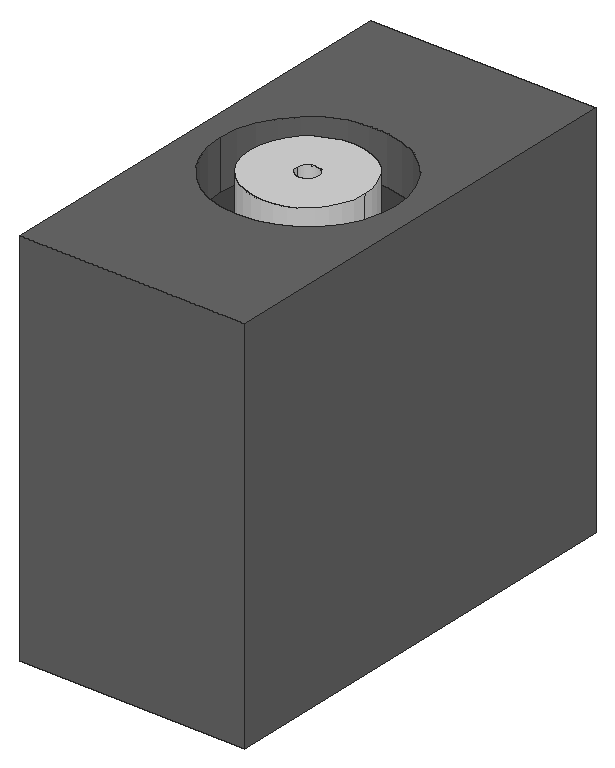
Revit family "Domotics-DomesticRanges-GEWISS-SYSTEM_DATA-TV_SAT_SOCKET", category Apparecchi elettrici, host Superficie, Revit 2016
Family settings
  Host = Superficie
  Mantenere orientamento annotazione = Sì
  Tipo di parte = Normale
  Quota connettore circolare = Usa diametro
  Taglio con vuoti quando caricato = Sì
  Condiviso = Sì
  Punto di calcolo locali = Sì
Parameters (values of type "GW21396 - THR.TV/SAT SOCK.5 DB F-FEMALE SY/BK")
  Volt = 230 V
  Vista in pianta [instance] = yes
  Version file RFA = "19.4"
  URL = "https://www.gewiss.com/ww/en"
  Type = ""
  Tipo_ = SYSTEM PRESE TV-SAT_GENERICO : GW21396 Presa TV/SAT passante attenuata 5 dB conn. F-femmina nero
  Technical sheet = "https://www.gewiss.com/ww/en/search?q=GW21396"
  Simbolo [instance] = yes
  Shielding = "Class A"
  SEO = "Socket outlet"
  Realized by GEWISS S.p.A. = ""
  Default Elevation = 1219.2 mm
  Produttore = "GEWISS S.p.A."
  Offset presa [instance] = 0 mm
  Offset bidimensionale [instance] = 39.3 mm
  No. SYSTEM modules = "1"
  N. poli = 1
  Modello = "GW21396"
  Immagine tipo = GW21391.jpg
  IFC.TypeObject = ""
  IFC.ExportType = ""
  IFC.ExportAs = ""
  IDT = "a744499d-be5a-4e59-b39c-2c1bf6a8619f"
  IDF = "1b25a30f-1712-4c6f-8359-4124d0180e15"
  Frequency = "5-2400 MHz"
  For connector type = "F-Female"
  Electrocod = "0131                "
  EAN code = "8011564128620"
  Distanza_x [instance] = 0 mm
  Distanza_effettiva_y [instance] = 100 mm
  Distanza_effettiva_x [instance] = 1000 mm - Distanza_x  # 1000 mm
  Distanza orizzontale del simbolo [instance] = 45.729 mm
  Distanza dal muro [instance] = 4.208 mm
  Descrizione = "THR.TV/SAT SOCK.5 DB F-FEMALE SY/BK"
  Description: = "Feedtrough"
  Description. = "TV/SAT socket-outlet"
  Colour = "Black"
  Catalogue Range = "SYSTEM - DOMESTIC RANGE"
  Catalogue = "DOMOTICS"
  Carico apparente = 0 VA
  COBie.Tagnumber = ""
  COBie.CreatedOn = ""
  COBie.CreatebBy = ""
  COBie.ComponentRegisterItemID = ""
  COBie.Component.TagNumber = ""
  COBie.Component.Space = ""
  COBie.Component.SerialNumber = ""
  COBie.Component.InstallationDate = ""
  COBie.Component.Description = ""
  COBie.Component.BarCode = ""
  Attenuation = "5 dB"
Types (8, lengths in mm): name | Type | Tipo_ | Technical sheet | Modello | Immagine tipo | IDT | EAN code | Descrizione | Description: | Colour | Attenuation
  GW20391 - DIRECT TV/SAT SOCKET F-FEMALE C.SY/WT | "With passage of current" | SYSTEM PRESE TV-SAT_GENERICO : GW20391 Presa TV/SAT diretta conn. F-femmina bianco | "https://www.gewiss.com/ww/en/search?q=GW20391" | "GW20391" | GW20391.jpg | "9294b73f-0de1-4cb3-b6f0-f1125f0429cc" | "8011564078932" | "DIRECT TV/SAT SOCKET F-FEMALE C.SY/WT" | "Direct" | "White" | "0 dB"
  GW20392 - THR.TV/SAT SOCK.10DB F-FEMALE SY/WT | "" | SYSTEM PRESE TV-SAT_GENERICO : GW20392 Presa TV/SAT passante attenuata 10dB conn. F-femmina bianco | "https://www.gewiss.com/ww/en/search?q=GW20392" | "GW20392" | GW20391.jpg | "fd6b0937-fa7c-4336-91ef-bc3d025664a0" | "8011564078949" | "THR.TV/SAT SOCK.10DB F-FEMALE SY/WT" | "Feedtrough" | "White" | "10 dB"
  GW20393 - THR.TV/SAT SOCK.14DB F-FEMALE SY/WT | "" | SYSTEM PRESE TV-SAT_GENERICO : GW20393 Presa TV/SAT passante attenuata 14dB conn. F-femmina bianco | "https://www.gewiss.com/ww/en/search?q=GW20393" | "GW20393" | GW20391.jpg | "d3970d8d-c9ea-44d0-a34c-b36aee6ae50e" | "8011564078956" | "THR.TV/SAT SOCK.14DB F-FEMALE SY/WT" | "Feedtrough" | "White" | "14 dB"
  GW20396 - THR.TV/SAT SOCK.5 DB F-FEMALE SY/WT | "" | SYSTEM PRESE TV-SAT_GENERICO : GW20396 Presa TV/SAT passante attenuata 5 dB conn. F-femmina bianco | "https://www.gewiss.com/ww/en/search?q=GW20396" | "GW20396" | GW20391.jpg | "df32d9ff-e546-410f-adbc-415d3c713821" | "8011564078987" | "THR.TV/SAT SOCK.5 DB F-FEMALE SY/WT" | "Feedtrough" | "White" | "5 dB"
  GW21391 - DIRECT TV/SAT SOCKET F-FEMALE C.SY/BK | "With passage of current" | SYSTEM PRESE TV-SAT_GENERICO : GW21391 Presa TV/SAT diretta conn. F-femmina nero | "https://www.gewiss.com/ww/en/search?q=GW21391" | "GW21391" | GW21391.jpg | "5f2e3ea4-e0e5-4721-9bfc-bc70c19520d1" | "8011564128613" | "DIRECT TV/SAT SOCKET F-FEMALE C.SY/BK" | "Direct" | "Black" | "0 dB"
  GW21392 - THR.TV/SAT SOCK.10DB F-FEMALE SY/BK | "" | SYSTEM PRESE TV-SAT_GENERICO : GW21392 Presa TV/SAT passante attenuata 10dB conn. F-femmina nero | "https://www.gewiss.com/ww/en/search?q=GW21392" | "GW21392" | GW21391.jpg | "4b3d2174-a942-44e0-8240-342f344aed14" | "8011564128637" | "THR.TV/SAT SOCK.10DB F-FEMALE SY/BK" | "Feedtrough" | "Black" | "10 dB"
  GW21393 - THR.TV/SAT SOCK.14DB F-FEMALE SY/BK | "" | SYSTEM PRESE TV-SAT_GENERICO : GW21393 Presa TV/SAT passante attenuata 14dB conn. F-femmina nero | "https://www.gewiss.com/ww/en/search?q=GW21393" | "GW21393" | GW21391.jpg | "d88ca0aa-9382-49ed-897b-6e84558097f6" | "8011564128644" | "THR.TV/SAT SOCK.14DB F-FEMALE SY/BK" | "Feedtrough" | "Black" | "14 dB"
  GW21396 - THR.TV/SAT SOCK.5 DB F-FEMALE SY/BK | "" | SYSTEM PRESE TV-SAT_GENERICO : GW21396 Presa TV/SAT passante attenuata 5 dB conn. F-femmina nero | "https://www.gewiss.com/ww/en/search?q=GW21396" | "GW21396" | GW21391.jpg | "a744499d-be5a-4e59-b39c-2c1bf6a8619f" | "8011564128620" | "THR.TV/SAT SOCK.5 DB F-FEMALE SY/BK" | "Feedtrough" | "Black" | "5 dB"
Reference planes
  plane 1 "Centro (Fronte/Retro)": y = 0
  plane 2: z = 0
  plane 3 "Centro (Sinistra/Destra)": x = 0
  plane 4: x = -1000
  plane 5: x = 0
  plane 6: y = 100
  plane 7: z = 0
  plane 8 "A": z = 39.3
  plane 9: z = 39
Lines and regions (mm)
  Masking region 1, visible <- "Vista in pianta"
    outline origin (0, 0, 0) x (1, 0, 0) y (0, 1, 0)
      loop
        line (-11.5, 22.5) -> (-11.5, -22.5) -> (11.5, -22.5) -> (11.5, 22.5) -> (-11.5, 22.5)
      loop
        circle (0, 0) r 5.854
      loop
        circle (0, 0) r 9.026
  Masking region 2, visible <- "Vista in pianta"
    outline origin (0, 0, 0) x (1, 0, 0) y (0, 0, 1)
      loop
        line (11.5, 0) -> (11.5, 39) -> (-11.5, 39) -> (-11.5, 0) -> (11.5, 0)
  Masking region 3, visible <- "Vista in pianta"
    outline origin (0, 0, 0) x (0, 1, 0) y (0, 0, 1)
      loop
        line (22.5, 39) -> (-22.5, 39) -> (-22.5, 0) -> (22.5, 0) -> (22.5, 39)
  model lines, style "0", not visible, detail levels coarse
    curve 1: arc (40.941, 35.069, 0) -> (36.863, 30.992, 0) -> (40.941, 26.915, 0) r 4.077
    curve 2: arc (48.922, 26.915, 0) -> (53, 30.992, 0) -> (48.922, 35.069, 0) r 4.077
    curve 3: line (56.432, 23.317, 0) -> (33.432, 23.317, 0)
    curve 4: line (33.432, 23.317, 0) -> (33.432, 68.317, 0)
    curve 5: line (33.432, 68.317, 0) -> (56.432, 68.317, 0)
    curve 6: line (56.432, 68.317, 0) -> (56.432, 23.317, 0)
    curve 7: line (40.941, 35.069, 0) -> (42.406, 35.069, 0)
    curve 8: line (42.406, 35.069, 0) -> (42.406, 64.372, 0)
    curve 9: line (42.406, 64.372, 0) -> (47.457, 64.372, 0)
    curve 10: line (47.457, 64.372, 0) -> (47.457, 35.069, 0)
    curve 11: line (47.457, 35.069, 0) -> (48.922, 35.069, 0)
    curve 12: line (40.941, 26.915, 0) -> (48.922, 26.915, 0)
    curve 13: circle (52.262, 43.827, 60) r 1.146 normal (0, 0, 1)
    curve 14: circle (52.262, 43.827, 60) r 9.026 normal (0, 0, 1)
    curve 15: circle (52.262, 43.827, 60) r 5.854 normal (0, 0, 1)
    curve 16: line (63.762, 21.327, 60) -> (40.762, 21.327, 60)
    curve 17: line (40.762, 21.327, 60) -> (40.762, 66.327, 60)
    curve 18: line (40.762, 66.327, 60) -> (63.762, 66.327, 60)
    curve 19: line (63.762, 66.327, 60) -> (63.762, 21.327, 60)
    curve 20: line (52.262, 55.507, 60) -> (49.371, 61.175, 60)
    curve 21: line (49.371, 61.175, 60) -> (48.566, 61.175, 60)
    curve 22: line (48.566, 61.175, 60) -> (52.262, 53.928, 60)
    curve 23: line (52.262, 53.928, 60) -> (55.958, 61.175, 60)
    curve 24: line (55.958, 61.175, 60) -> (55.153, 61.175, 60)
    curve 25: line (55.153, 61.175, 60) -> (52.262, 55.507, 60)
    curve 26: line (52.665, 63.758, 60) -> (55.483, 63.758, 60)
    curve 27: line (55.483, 63.758, 60) -> (55.483, 64.564, 60)
    curve 28: line (55.483, 64.564, 60) -> (49.041, 64.564, 60)
    curve 29: line (49.041, 64.564, 60) -> (49.041, 63.758, 60)
    curve 30: line (49.041, 63.758, 60) -> (51.859, 63.758, 60)
    curve 31: line (51.859, 63.758, 60) -> (51.859, 58.979, 60)
    curve 32: line (51.859, 58.979, 60) -> (52.665, 58.979, 60)
    curve 33: line (52.665, 58.979, 60) -> (52.665, 63.758, 60)
    curve 124: circle (51.963, 0, 0) r 1.146 normal (0, 0, 1)
    curve 125: circle (51.963, 0, 0) r 9.026 normal (0, 0, 1)
    curve 126: circle (51.963, 0, 0) r 5.854 normal (0, 0, 1)
    curve 127: line (63.463, -22.5, 0) -> (40.463, -22.5, 0)
    curve 128: line (40.463, -22.5, 0) -> (40.463, 22.5, 0)
    curve 129: line (40.463, 22.5, 0) -> (63.463, 22.5, 0)
    curve 130: line (63.463, 22.5, 0) -> (63.463, -22.5, 0)
    curve 131: line (52.166, 16.014, 0) -> (48.685, 19.494, 0)
    curve 132: line (48.685, 19.494, 0) -> (48.685, 20.08, 0)
    curve 133: line (48.685, 20.08, 0) -> (48.23, 20.535, 0)
    curve 134: line (48.23, 20.535, 0) -> (47.417, 20.373, 0)
    curve 135: line (47.417, 20.373, 0) -> (47.221, 19.885, 0)
    curve 136: line (47.221, 19.885, 0) -> (47.286, 19.332, 0)
    curve 137: line (47.286, 19.332, 0) -> (47.677, 19.072, 0)
    curve 138: line (47.677, 19.072, 0) -> (48.295, 19.072, 0)
    curve 139: line (48.295, 19.072, 0) -> (51.759, 15.607, 0)
    curve 140: line (51.759, 15.607, 0) -> (52.166, 16.014, 0)
    curve 141: line (49.408, 17.959, 0) -> (48.714, 17.145, 0)
    curve 142: line (48.714, 17.145, 0) -> (48.071, 16.198, 0)
    curve 143: line (48.071, 16.198, 0) -> (47.507, 15.135, 0)
    curve 144: line (47.507, 15.135, 0) -> (47.16, 14.159, 0)
    curve 145: line (47.16, 14.159, 0) -> (47.03, 13.248, 0)
    curve 146: line (47.03, 13.248, 0) -> (47.073, 12.316, 0)
    curve 147: line (47.073, 12.316, 0) -> (47.377, 11.73, 0)
    curve 148: line (47.377, 11.73, 0) -> (47.854, 11.318, 0)
    curve 149: line (47.854, 11.318, 0) -> (48.369, 11.045, 0)
    curve 150: line (48.369, 11.045, 0) -> (49.047, 10.863, 0)
    curve 151: line (49.047, 10.863, 0) -> (49.979, 10.906, 0)
    curve 152: line (49.979, 10.906, 0) -> (51.302, 11.34, 0)
    curve 153: line (51.302, 11.34, 0) -> (52.669, 12.121, 0)
    curve 154: line (52.669, 12.121, 0) -> (53.991, 13.162, 0)
    curve 155: line (53.991, 13.162, 0) -> (55.098, 14.333, 0)
    curve 156: line (55.098, 14.333, 0) -> (55.878, 15.482, 0)
    curve 157: line (55.878, 15.482, 0) -> (56.442, 16.61, 0)
    curve 158: line (56.442, 16.61, 0) -> (56.811, 17.911, 0)
    curve 159: line (56.811, 17.911, 0) -> (56.854, 18.79, 0)
    curve 160: line (56.854, 18.79, 0) -> (56.659, 19.505, 0)
    curve 161: line (56.659, 19.505, 0) -> (56.334, 19.961, 0)
    curve 162: line (56.334, 19.961, 0) -> (55.792, 20.373, 0)
    curve 163: line (55.792, 20.373, 0) -> (55.163, 20.698, 0)
    curve 164: line (55.163, 20.698, 0) -> (54.541, 20.731, 0)
    curve 165: line (54.541, 20.731, 0) -> (53.597, 20.633, 0)
    curve 166: line (53.597, 20.633, 0) -> (52.784, 20.34, 0)
    curve 167: line (52.784, 20.34, 0) -> (51.515, 19.722, 0)
    curve 168: line (51.515, 19.722, 0) -> (50.474, 18.974, 0)
    curve 169: line (50.474, 18.974, 0) -> (49.817, 18.363, 0)
    curve 170: line (50.27, 17.909, 0) -> (51.042, 18.573, 0)
    curve 171: line (51.042, 18.573, 0) -> (51.909, 19.137, 0)
    curve 172: line (51.909, 19.137, 0) -> (52.647, 19.527, 0)
    curve 173: line (52.647, 19.527, 0) -> (53.406, 19.831, 0)
    curve 174: line (53.406, 19.831, 0) -> (54.252, 19.961, 0)
    curve 175: line (54.252, 19.961, 0) -> (55.011, 19.982, 0)
    curve 176: line (55.011, 19.982, 0) -> (55.575, 19.679, 0)
    curve 177: line (55.575, 19.679, 0) -> (56.03, 19.093, 0)
    curve 178: line (56.03, 19.093, 0) -> (56.117, 18.312, 0)
    curve 179: line (56.117, 18.312, 0) -> (56.073, 17.553, 0)
    curve 180: line (56.073, 17.553, 0) -> (55.857, 16.903, 0)
    curve 181: line (55.857, 16.903, 0) -> (55.314, 15.84, 0)
    curve 182: line (55.314, 15.84, 0) -> (54.512, 14.712, 0)
    curve 183: line (54.512, 14.712, 0) -> (53.597, 13.798, 0)
    curve 184: line (53.597, 13.798, 0) -> (52.6, 12.988, 0)
    curve 185: line (52.6, 12.988, 0) -> (51.472, 12.251, 0)
    curve 186: line (51.472, 12.251, 0) -> (50.735, 11.976, 0)
    curve 187: line (50.735, 11.976, 0) -> (49.896, 11.701, 0)
    curve 188: line (49.896, 11.701, 0) -> (48.956, 11.629, 0)
    curve 189: line (48.956, 11.629, 0) -> (48.378, 11.803, 0)
    curve 190: line (48.378, 11.803, 0) -> (47.988, 12.193, 0)
    curve 191: line (47.988, 12.193, 0) -> (47.785, 12.728, 0)
    curve 192: line (47.785, 12.728, 0) -> (47.771, 13.538, 0)
    curve 193: line (47.771, 13.538, 0) -> (47.901, 14.347, 0)
    curve 194: line (47.901, 14.347, 0) -> (48.204, 15.07, 0)
    curve 195: line (48.204, 15.07, 0) -> (48.551, 15.649, 0)
    curve 196: line (48.551, 15.649, 0) -> (49.014, 16.386, 0)
    curve 197: line (49.014, 16.386, 0) -> (49.491, 16.964, 0)
    curve 198: line (49.491, 16.964, 0) -> (49.91, 17.456, 0)
    curve 199: line (56.706, 15.45, 0) -> (56.099, 14.394, 0)
    curve 200: line (56.099, 14.394, 0) -> (55.347, 13.44, 0)
    curve 201: line (55.347, 13.44, 0) -> (54.552, 12.645, 0)
    curve 202: line (54.552, 12.645, 0) -> (53.757, 11.965, 0)
    curve 203: line (53.757, 11.965, 0) -> (52.846, 11.358, 0)
    curve 204: line (52.846, 11.358, 0) -> (52.036, 10.982, 0)
    curve 205: line (52.036, 10.982, 0) -> (52.397, 10.331, 0)
    curve 206: line (52.397, 10.331, 0) -> (53.178, 10.722, 0)
    curve 207: line (53.178, 10.722, 0) -> (54.046, 11.228, 0)
    curve 208: line (54.046, 11.228, 0) -> (55.029, 12.052, 0)
    curve 209: line (55.029, 12.052, 0) -> (55.853, 12.876, 0)
    curve 210: line (55.853, 12.876, 0) -> (56.677, 13.888, 0)
    curve 211: line (56.677, 13.888, 0) -> (57.111, 14.655, 0)
    curve 212: line (57.111, 14.655, 0) -> (57.4, 15.218, 0)
    curve 213: line (57.4, 15.218, 0) -> (56.706, 15.45, 0)
    curve 214: circle (38.734, 0, 39.3) r 1.146 normal (0, 0, 1)
    curve 215: circle (38.734, 0, 39.3) r 9.026 normal (0, 0, 1)
    curve 216: circle (38.734, 0, 39.3) r 5.854 normal (0, 0, 1)
    curve 217: line (50.234, -22.5, 39.3) -> (27.234, -22.5, 39.3)
    curve 218: line (27.234, -22.5, 39.3) -> (27.234, 22.5, 39.3)
    curve 219: line (27.234, 22.5, 39.3) -> (50.234, 22.5, 39.3)
    curve 220: line (50.234, 22.5, 39.3) -> (50.234, -22.5, 39.3)
    curve 221: line (38.937, 16.014, 39.3) -> (35.457, 19.494, 39.3)
    curve 222: line (35.457, 19.494, 39.3) -> (35.457, 20.08, 39.3)
    curve 223: line (35.457, 20.08, 39.3) -> (35.001, 20.535, 39.3)
    curve 224: line (35.001, 20.535, 39.3) -> (34.188, 20.373, 39.3)
    curve 225: line (34.188, 20.373, 39.3) -> (33.993, 19.885, 39.3)
    curve 226: line (33.993, 19.885, 39.3) -> (34.058, 19.332, 39.3)
    curve 227: line (34.058, 19.332, 39.3) -> (34.448, 19.072, 39.3)
    curve 228: line (34.448, 19.072, 39.3) -> (35.066, 19.072, 39.3)
    curve 229: line (35.066, 19.072, 39.3) -> (38.531, 15.607, 39.3)
    curve 230: line (38.531, 15.607, 39.3) -> (38.937, 16.014, 39.3)
    curve 231: line (36.179, 17.959, 39.3) -> (35.486, 17.145, 39.3)
    curve 232: line (35.486, 17.145, 39.3) -> (34.842, 16.198, 39.3)
    curve 233: line (34.842, 16.198, 39.3) -> (34.278, 15.135, 39.3)
    curve 234: line (34.278, 15.135, 39.3) -> (33.931, 14.159, 39.3)
    curve 235: line (33.931, 14.159, 39.3) -> (33.801, 13.248, 39.3)
    curve 236: line (33.801, 13.248, 39.3) -> (33.844, 12.316, 39.3)
    curve 237: line (33.844, 12.316, 39.3) -> (34.148, 11.73, 39.3)
    curve 238: line (34.148, 11.73, 39.3) -> (34.625, 11.318, 39.3)
    curve 239: line (34.625, 11.318, 39.3) -> (35.14, 11.045, 39.3)
    curve 240: line (35.14, 11.045, 39.3) -> (35.818, 10.863, 39.3)
    curve 241: line (35.818, 10.863, 39.3) -> (36.751, 10.906, 39.3)
    curve 242: line (36.751, 10.906, 39.3) -> (38.074, 11.34, 39.3)
    curve 243: line (38.074, 11.34, 39.3) -> (39.44, 12.121, 39.3)
    curve 244: line (39.44, 12.121, 39.3) -> (40.763, 13.162, 39.3)
    curve 245: line (40.763, 13.162, 39.3) -> (41.869, 14.333, 39.3)
    curve 246: line (41.869, 14.333, 39.3) -> (42.65, 15.482, 39.3)
    curve 247: line (42.65, 15.482, 39.3) -> (43.214, 16.61, 39.3)
    curve 248: line (43.214, 16.61, 39.3) -> (43.582, 17.911, 39.3)
    curve 249: line (43.582, 17.911, 39.3) -> (43.626, 18.79, 39.3)
    curve 250: line (43.626, 18.79, 39.3) -> (43.43, 19.505, 39.3)
    curve 251: line (43.43, 19.505, 39.3) -> (43.105, 19.961, 39.3)
    curve 252: line (43.105, 19.961, 39.3) -> (42.563, 20.373, 39.3)
    curve 253: line (42.563, 20.373, 39.3) -> (41.934, 20.698, 39.3)
    curve 254: line (41.934, 20.698, 39.3) -> (41.312, 20.731, 39.3)
    curve 255: line (41.312, 20.731, 39.3) -> (40.369, 20.633, 39.3)
    curve 256: line (40.369, 20.633, 39.3) -> (39.556, 20.34, 39.3)
    curve 257: line (39.556, 20.34, 39.3) -> (38.287, 19.722, 39.3)
    curve 258: line (38.287, 19.722, 39.3) -> (37.246, 18.974, 39.3)
    curve 259: line (37.246, 18.974, 39.3) -> (36.588, 18.363, 39.3)
    curve 260: line (37.042, 17.909, 39.3) -> (37.813, 18.573, 39.3)
    curve 261: line (37.813, 18.573, 39.3) -> (38.681, 19.137, 39.3)
    curve 262: line (38.681, 19.137, 39.3) -> (39.418, 19.527, 39.3)
    curve 263: line (39.418, 19.527, 39.3) -> (40.177, 19.831, 39.3)
    curve 264: line (40.177, 19.831, 39.3) -> (41.023, 19.961, 39.3)
    curve 265: line (41.023, 19.961, 39.3) -> (41.782, 19.982, 39.3)
    curve 266: line (41.782, 19.982, 39.3) -> (42.346, 19.679, 39.3)
    curve 267: line (42.346, 19.679, 39.3) -> (42.801, 19.093, 39.3)
    curve 268: line (42.801, 19.093, 39.3) -> (42.888, 18.312, 39.3)
    curve 269: line (42.888, 18.312, 39.3) -> (42.845, 17.553, 39.3)
    curve 270: line (42.845, 17.553, 39.3) -> (42.628, 16.903, 39.3)
    curve 271: line (42.628, 16.903, 39.3) -> (42.086, 15.84, 39.3)
    curve 272: line (42.086, 15.84, 39.3) -> (41.283, 14.712, 39.3)
    curve 273: line (41.283, 14.712, 39.3) -> (40.369, 13.798, 39.3)
    curve 274: line (40.369, 13.798, 39.3) -> (39.371, 12.988, 39.3)
    curve 275: line (39.371, 12.988, 39.3) -> (38.243, 12.251, 39.3)
    curve 276: line (38.243, 12.251, 39.3) -> (37.506, 11.976, 39.3)
    curve 277: line (37.506, 11.976, 39.3) -> (36.667, 11.701, 39.3)
    curve 278: line (36.667, 11.701, 39.3) -> (35.728, 11.629, 39.3)
    curve 279: line (35.728, 11.629, 39.3) -> (35.149, 11.803, 39.3)
    curve 280: line (35.149, 11.803, 39.3) -> (34.759, 12.193, 39.3)
    curve 281: line (34.759, 12.193, 39.3) -> (34.557, 12.728, 39.3)
    curve 282: line (34.557, 12.728, 39.3) -> (34.542, 13.538, 39.3)
    curve 283: line (34.542, 13.538, 39.3) -> (34.672, 14.347, 39.3)
    curve 284: line (34.672, 14.347, 39.3) -> (34.976, 15.07, 39.3)
    curve 285: line (34.976, 15.07, 39.3) -> (35.323, 15.649, 39.3)
    curve 286: line (35.323, 15.649, 39.3) -> (35.786, 16.386, 39.3)
    curve 287: line (35.786, 16.386, 39.3) -> (36.263, 16.964, 39.3)
    curve 288: line (36.263, 16.964, 39.3) -> (36.682, 17.456, 39.3)
    curve 289: line (43.477, 15.45, 39.3) -> (42.87, 14.394, 39.3)
    curve 290: line (42.87, 14.394, 39.3) -> (42.118, 13.44, 39.3)
    curve 291: line (42.118, 13.44, 39.3) -> (41.323, 12.645, 39.3)
    curve 292: line (41.323, 12.645, 39.3) -> (40.528, 11.965, 39.3)
    curve 293: line (40.528, 11.965, 39.3) -> (39.617, 11.358, 39.3)
    curve 294: line (39.617, 11.358, 39.3) -> (38.807, 10.982, 39.3)
    curve 295: line (38.807, 10.982, 39.3) -> (39.169, 10.331, 39.3)
    curve 296: line (39.169, 10.331, 39.3) -> (39.95, 10.722, 39.3)
    curve 297: line (39.95, 10.722, 39.3) -> (40.817, 11.228, 39.3)
    curve 298: line (40.817, 11.228, 39.3) -> (41.8, 12.052, 39.3)
    curve 299: line (41.8, 12.052, 39.3) -> (42.624, 12.876, 39.3)
    curve 300: line (42.624, 12.876, 39.3) -> (43.448, 13.888, 39.3)
    curve 301: line (43.448, 13.888, 39.3) -> (43.882, 14.655, 39.3)
    curve 302: line (43.882, 14.655, 39.3) -> (44.171, 15.218, 39.3)
    curve 303: line (44.171, 15.218, 39.3) -> (43.477, 15.45, 39.3)
  model lines, style "0", detail levels coarse
    curve 34: circle (0, 0, 39.3) r 1.146 normal (0, 0, 1)
    curve 35: circle (0, 0, 39.3) r 9.026 normal (0, 0, 1)
    curve 36: circle (0, 0, 39.3) r 5.854 normal (0, 0, 1)
    curve 37: line (11.5, -22.5, 39.3) -> (-11.5, -22.5, 39.3)
    curve 38: line (-11.5, -22.5, 39.3) -> (-11.5, 22.5, 39.3)
    curve 39: line (-11.5, 22.5, 39.3) -> (11.5, 22.5, 39.3)
    curve 40: line (11.5, 22.5, 39.3) -> (11.5, -22.5, 39.3)
    curve 41: line (0.203, 16.014, 39.3) -> (-3.278, 19.494, 39.3)
    curve 42: line (-3.278, 19.494, 39.3) -> (-3.278, 20.08, 39.3)
    curve 43: line (-3.278, 20.08, 39.3) -> (-3.733, 20.535, 39.3)
    curve 44: line (-3.733, 20.535, 39.3) -> (-4.546, 20.373, 39.3)
    curve 45: line (-4.546, 20.373, 39.3) -> (-4.741, 19.885, 39.3)
    curve 46: line (-4.741, 19.885, 39.3) -> (-4.676, 19.332, 39.3)
    curve 47: line (-4.676, 19.332, 39.3) -> (-4.286, 19.072, 39.3)
    curve 48: line (-4.286, 19.072, 39.3) -> (-3.668, 19.072, 39.3)
    curve 49: line (-3.668, 19.072, 39.3) -> (-0.203, 15.607, 39.3)
    curve 50: line (-0.203, 15.607, 39.3) -> (0.203, 16.014, 39.3)
    curve 51: line (-2.555, 17.959, 39.3) -> (-3.249, 17.145, 39.3)
    curve 52: line (-3.249, 17.145, 39.3) -> (-3.892, 16.198, 39.3)
    curve 53: line (-3.892, 16.198, 39.3) -> (-4.456, 15.135, 39.3)
    curve 54: line (-4.456, 15.135, 39.3) -> (-4.803, 14.159, 39.3)
    curve 55: line (-4.803, 14.159, 39.3) -> (-4.933, 13.248, 39.3)
    curve 56: line (-4.933, 13.248, 39.3) -> (-4.89, 12.316, 39.3)
    curve 57: line (-4.89, 12.316, 39.3) -> (-4.586, 11.73, 39.3)
    curve 58: line (-4.586, 11.73, 39.3) -> (-4.109, 11.318, 39.3)
    curve 59: line (-4.109, 11.318, 39.3) -> (-3.594, 11.045, 39.3)
    curve 60: line (-3.594, 11.045, 39.3) -> (-2.916, 10.863, 39.3)
    curve 61: line (-2.916, 10.863, 39.3) -> (-1.984, 10.906, 39.3)
    curve 62: line (-1.984, 10.906, 39.3) -> (-0.661, 11.34, 39.3)
    curve 63: line (-0.661, 11.34, 39.3) -> (0.706, 12.121, 39.3)
    curve 64: line (0.706, 12.121, 39.3) -> (2.029, 13.162, 39.3)
    curve 65: line (2.029, 13.162, 39.3) -> (3.135, 14.333, 39.3)
    curve 66: line (3.135, 14.333, 39.3) -> (3.916, 15.482, 39.3)
    curve 67: line (3.916, 15.482, 39.3) -> (4.479, 16.61, 39.3)
    curve 68: line (4.479, 16.61, 39.3) -> (4.848, 17.911, 39.3)
    curve 69: line (4.848, 17.911, 39.3) -> (4.891, 18.79, 39.3)
    curve 70: line (4.891, 18.79, 39.3) -> (4.696, 19.505, 39.3)
    curve 71: line (4.696, 19.505, 39.3) -> (4.371, 19.961, 39.3)
    curve 72: line (4.371, 19.961, 39.3) -> (3.829, 20.373, 39.3)
    curve 73: line (3.829, 20.373, 39.3) -> (3.2, 20.698, 39.3)
    curve 74: line (3.2, 20.698, 39.3) -> (2.578, 20.731, 39.3)
    curve 75: line (2.578, 20.731, 39.3) -> (1.635, 20.633, 39.3)
    curve 76: line (1.635, 20.633, 39.3) -> (0.821, 20.34, 39.3)
    curve 77: line (0.821, 20.34, 39.3) -> (-0.447, 19.722, 39.3)
    curve 78: line (-0.447, 19.722, 39.3) -> (-1.488, 18.974, 39.3)
    curve 79: line (-1.488, 18.974, 39.3) -> (-2.146, 18.363, 39.3)
    curve 80: line (-1.693, 17.909, 39.3) -> (-0.921, 18.573, 39.3)
    curve 81: line (-0.921, 18.573, 39.3) -> (-0.053, 19.137, 39.3)
    curve 82: line (-0.053, 19.137, 39.3) -> (0.684, 19.527, 39.3)
    curve 83: line (0.684, 19.527, 39.3) -> (1.443, 19.831, 39.3)
    curve 84: line (1.443, 19.831, 39.3) -> (2.289, 19.961, 39.3)
    curve 85: line (2.289, 19.961, 39.3) -> (3.048, 19.982, 39.3)
    curve 86: line (3.048, 19.982, 39.3) -> (3.612, 19.679, 39.3)
    curve 87: line (3.612, 19.679, 39.3) -> (4.067, 19.093, 39.3)
    curve 88: line (4.067, 19.093, 39.3) -> (4.154, 18.312, 39.3)
    curve 89: line (4.154, 18.312, 39.3) -> (4.111, 17.553, 39.3)
    curve 90: line (4.111, 17.553, 39.3) -> (3.894, 16.903, 39.3)
    curve 91: line (3.894, 16.903, 39.3) -> (3.352, 15.84, 39.3)
    curve 92: line (3.352, 15.84, 39.3) -> (2.549, 14.712, 39.3)
    curve 93: line (2.549, 14.712, 39.3) -> (1.635, 13.798, 39.3)
    curve 94: line (1.635, 13.798, 39.3) -> (0.637, 12.988, 39.3)
    curve 95: line (0.637, 12.988, 39.3) -> (-0.491, 12.251, 39.3)
    curve 96: line (-0.491, 12.251, 39.3) -> (-1.228, 11.976, 39.3)
    curve 97: line (-1.228, 11.976, 39.3) -> (-2.067, 11.701, 39.3)
    curve 98: line (-2.067, 11.701, 39.3) -> (-3.006, 11.629, 39.3)
    curve 99: line (-3.006, 11.629, 39.3) -> (-3.585, 11.803, 39.3)
    curve 100: line (-3.585, 11.803, 39.3) -> (-3.975, 12.193, 39.3)
    curve 101: line (-3.975, 12.193, 39.3) -> (-4.178, 12.728, 39.3)
    curve 102: line (-4.178, 12.728, 39.3) -> (-4.192, 13.538, 39.3)
    curve 103: line (-4.192, 13.538, 39.3) -> (-4.062, 14.347, 39.3)
    curve 104: line (-4.062, 14.347, 39.3) -> (-3.758, 15.07, 39.3)
    curve 105: line (-3.758, 15.07, 39.3) -> (-3.411, 15.649, 39.3)
    curve 106: line (-3.411, 15.649, 39.3) -> (-2.949, 16.386, 39.3)
    curve 107: line (-2.949, 16.386, 39.3) -> (-2.471, 16.964, 39.3)
    curve 108: line (-2.471, 16.964, 39.3) -> (-2.052, 17.456, 39.3)
    curve 109: line (4.743, 15.45, 39.3) -> (4.136, 14.394, 39.3)
    curve 110: line (4.136, 14.394, 39.3) -> (3.384, 13.44, 39.3)
    curve 111: line (3.384, 13.44, 39.3) -> (2.589, 12.645, 39.3)
    curve 112: line (2.589, 12.645, 39.3) -> (1.794, 11.965, 39.3)
    curve 113: line (1.794, 11.965, 39.3) -> (0.883, 11.358, 39.3)
    curve 114: line (0.883, 11.358, 39.3) -> (0.073, 10.982, 39.3)
    curve 115: line (0.073, 10.982, 39.3) -> (0.435, 10.331, 39.3)
    curve 116: line (0.435, 10.331, 39.3) -> (1.215, 10.722, 39.3)
    curve 117: line (1.215, 10.722, 39.3) -> (2.083, 11.228, 39.3)
    curve 118: line (2.083, 11.228, 39.3) -> (3.066, 12.052, 39.3)
    curve 119: line (3.066, 12.052, 39.3) -> (3.89, 12.876, 39.3)
    curve 120: line (3.89, 12.876, 39.3) -> (4.714, 13.888, 39.3)
    curve 121: line (4.714, 13.888, 39.3) -> (5.148, 14.655, 39.3)
    curve 122: line (5.148, 14.655, 39.3) -> (5.437, 15.218, 39.3)
    curve 123: line (5.437, 15.218, 39.3) -> (4.743, 15.45, 39.3)
Dimensions and locks
  plane 4 to plane 3 "Centro (Sinistra/Destra)" = 1000 mm
  "Distanza_effettiva_x": plane 4 to plane 5
  "Distanza_effettiva_y": plane 6 to plane 1 "Centro (Fronte/Retro)"
  "Offset presa": plane 7 to host face
  "Offset bidimensionale": plane 8 "A" to host face
  locked: plane 9 to plane 7 at 39
  aligned and locked: plane 2 to host face
  aligned and locked: level to host face
  aligned and locked: nested 1 to plane 5
  aligned and locked: nested 1 to plane 6
  aligned and locked: plane 3 "Centro (Sinistra/Destra)" to nested 2
  aligned and locked: plane 1 "Centro (Fronte/Retro)" to nested 2
  aligned and locked: Masking region 1 sketch curve to nested 2  (x4)
  aligned and locked: nested 2 to plane 7  (x2)
  aligned and locked: nested 2 to plane 9  (x2)
  aligned and locked: Masking region 2 sketch curve to nested 2  (x2)
  aligned and locked: plane 9 to Masking region 2 sketch curve
  aligned and locked: Masking region 2 to plane 7
  aligned and locked: plane 7 to nested 2  (x2)
  aligned and locked: Masking region 3 sketch curve to nested 2  (x4)
  aligned and locked: Masking region 3 to plane 7
Automatic sketch dimensions
  host sketch curve to host sketch curve = 2438.4 mm  (x2)
  plane 1 "Centro (Fronte/Retro)" to Masking region 1 sketch curve = 0 mm
  Masking region 1 sketch curve to plane 3 "Centro (Sinistra/Destra)" = 0 mm
  Masking region 1 sketch curve to Masking region 1 sketch curve = 5.854 mm
  Masking region 1 sketch curve to Masking region 1 sketch curve = 0 mm  (x2)
  Masking region 1 sketch curve to Masking region 1 sketch curve = 3.172 mm
  plane 3 "Centro (Sinistra/Destra)" to Masking region 2 sketch curve = 11.5 mm
Nested families
  nested 1: "SIMBOLO" at (0, 100, 0), visible <- "Simbolo", SIMBOLO <- "Simbolo", type "SIMBOLO"
    with SIMBOLO yes, Distanza dal muro 4.208 mm, BORDO ACCESO yes
  nested 2: "SYSTEM PRESE TV-SAT_GENERICO" at (0, 0, 0), type <- "Tipo_", type "GW21396 Presa TV/SAT passante attenuata 5 dB conn. F-femmina nero", detail levels medium+fine
Connectors
  electrical at (0, 0, 0), driven by "N. poli", driven by "Volt", driven by "Carico apparente"
    settings: on nested 2, index 1, voltage 230 V, apparent load 0 VA, apparent load phase1 0 VA, apparent load phase2 0 VA, apparent load phase3 0 VA, power factor 1, load classification "Altro", number of poles 1, system type 31, power factor state 1, is connector primary yes, connector utility no, sub classification motor no, connector description ""
Definition of nested family "SYSTEM PRESE TV-SAT_GENERICO"
  Parameters (values of type "GW21396 Presa TV/SAT passante attenuata 5 dB conn. F-femmina nero")
    Profondità presa = 39 mm
    Finitura System Limitatore Tensione = none
    Altezza da Terra = 750 mm
  Types (8): name
    GW20391 Presa TV/SAT diretta conn. F-femmina bianco
    GW20392 Presa TV/SAT passante attenuata 10dB conn. F-femmina bianco
    GW20393 Presa TV/SAT passante attenuata 14dB conn. F-femmina bianco
    GW20396 Presa TV/SAT passante attenuata 5 dB conn. F-femmina bianco
    GW21391 Presa TV/SAT diretta conn. F-femmina nero
    GW21392 Presa TV/SAT passante attenuata 10dB conn. F-femmina nero
    GW21393 Presa TV/SAT passante attenuata 14dB conn. F-femmina nero
    GW21396 Presa TV/SAT passante attenuata 5 dB conn. F-femmina nero
  Reference planes
    plane 1 "Centro (Fronte/Retro)": y = 0
    plane 2: z = 0
    plane 3 "Centro (Sinistra/Destra)": x = 0
    plane 4: z = 0
    plane 5 "a": z = 39
    plane 6: z = 34
    plane 7: x = -11.5
    plane 8: x = 11.5
    plane 9: y = 22.5
    plane 10: y = -22.5
    plane 11: z = 1
  Forms (mm)
    Extrusion 1, solid, material <- "Finitura System Limitatore Tensione"
      sketch origin (-51.929, -802.514, 39) x (1, 0, 0) y (0, 1, 0)
        loop
          line (40.429, 825.014) -> (40.429, 780.014) -> (63.429, 780.014) -> (63.429, 825.014) -> (40.429, 825.014)
        loop
          circle (51.929, 802.514) r 9.026
      from 0 to -39
    Extrusion 2, solid, material <- "Finitura System Limitatore Tensione"
      sketch origin (0, 0, 0) x (1, 0, 0) y (0, 1, 0)
        loop
          circle (0, 0) r 9.026
      from 0 to 1
    Extrusion 3, solid
      sketch origin (0, 0, 0) x (1, 0, 0) y (0, 1, 0)
        loop
          circle (0, 0) r 9.026
      from 1 to 34
    Extrusion 4, solid
      sketch origin (0, 0, 0) x (1, 0, 0) y (0, 1, 0)
        loop
          circle (0, 0) r 5.854
        loop
          circle (0, 0) r 1.146
      from 34 to 39
  Cuts and joins
    joined: Extrusion 1, Extrusion 2
  Lines and regions (mm)
    model lines
      curve 1: line (0.036, 16.337, 39) -> (-3.445, 19.818, 39)
      curve 2: line (-3.445, 19.818, 39) -> (-3.445, 20.404, 39)
      curve 3: line (-3.445, 20.404, 39) -> (-3.901, 20.859, 39)
      curve 4: line (-3.901, 20.859, 39) -> (-4.714, 20.696, 39)
      curve 5: line (-4.714, 20.696, 39) -> (-4.909, 20.208, 39)
      curve 6: line (-4.909, 20.208, 39) -> (-4.844, 19.655, 39)
      curve 7: line (-4.844, 19.655, 39) -> (-4.454, 19.395, 39)
      curve 8: line (-4.454, 19.395, 39) -> (-3.836, 19.395, 39)
      curve 9: line (-3.836, 19.395, 39) -> (-0.371, 15.93, 39)
      curve 10: line (-0.371, 15.93, 39) -> (0.036, 16.337, 39)
      curve 11: line (-2.723, 18.282, 39) -> (-3.416, 17.468, 39)
      curve 12: line (-3.416, 17.468, 39) -> (-4.06, 16.521, 39)
      curve 13: line (-4.06, 16.521, 39) -> (-4.624, 15.459, 39)
      curve 14: line (-4.624, 15.459, 39) -> (-4.971, 14.483, 39)
      curve 15: line (-4.971, 14.483, 39) -> (-5.101, 13.572, 39)
      curve 16: line (-5.101, 13.572, 39) -> (-5.057, 12.639, 39)
      curve 17: line (-5.057, 12.639, 39) -> (-4.754, 12.054, 39)
      curve 18: line (-4.754, 12.054, 39) -> (-4.277, 11.642, 39)
      curve 19: line (-4.277, 11.642, 39) -> (-3.762, 11.369, 39)
      curve 20: line (-3.762, 11.369, 39) -> (-3.084, 11.186, 39)
      curve 21: line (-3.084, 11.186, 39) -> (-2.151, 11.23, 39)
      curve 22: line (-2.151, 11.23, 39) -> (-0.828, 11.663, 39)
      curve 23: line (-0.828, 11.663, 39) -> (0.538, 12.444, 39)
      curve 24: line (0.538, 12.444, 39) -> (1.861, 13.485, 39)
      curve 25: line (1.861, 13.485, 39) -> (2.967, 14.656, 39)
      curve 26: line (2.967, 14.656, 39) -> (3.748, 15.806, 39)
      curve 27: line (3.748, 15.806, 39) -> (4.312, 16.934, 39)
      curve 28: line (4.312, 16.934, 39) -> (4.68, 18.235, 39)
      curve 29: line (4.68, 18.235, 39) -> (4.724, 19.113, 39)
      curve 30: line (4.724, 19.113, 39) -> (4.529, 19.829, 39)
      curve 31: line (4.529, 19.829, 39) -> (4.203, 20.284, 39)
      curve 32: line (4.203, 20.284, 39) -> (3.661, 20.696, 39)
      curve 33: line (3.661, 20.696, 39) -> (3.032, 21.022, 39)
      curve 34: line (3.032, 21.022, 39) -> (2.41, 21.054, 39)
      curve 35: line (2.41, 21.054, 39) -> (1.467, 20.957, 39)
      curve 36: line (1.467, 20.957, 39) -> (0.654, 20.664, 39)
      curve 37: line (0.654, 20.664, 39) -> (-0.615, 20.046, 39)
      curve 38: line (-0.615, 20.046, 39) -> (-1.656, 19.297, 39)
      curve 39: line (-1.656, 19.297, 39) -> (-2.314, 18.687, 39)
      curve 40: line (-1.86, 18.233, 39) -> (-1.089, 18.896, 39)
      curve 41: line (-1.089, 18.896, 39) -> (-0.221, 19.46, 39)
      curve 42: line (-0.221, 19.46, 39) -> (0.516, 19.851, 39)
      curve 43: line (0.516, 19.851, 39) -> (1.275, 20.154, 39)
      curve 44: line (1.275, 20.154, 39) -> (2.121, 20.284, 39)
      curve 45: line (2.121, 20.284, 39) -> (2.88, 20.306, 39)
      curve 46: line (2.88, 20.306, 39) -> (3.444, 20.002, 39)
      curve 47: line (3.444, 20.002, 39) -> (3.9, 19.417, 39)
      curve 48: line (3.9, 19.417, 39) -> (3.986, 18.636, 39)
      curve 49: line (3.986, 18.636, 39) -> (3.943, 17.877, 39)
      curve 50: line (3.943, 17.877, 39) -> (3.726, 17.226, 39)
      curve 51: line (3.726, 17.226, 39) -> (3.184, 16.164, 39)
      curve 52: line (3.184, 16.164, 39) -> (2.381, 15.036, 39)
      curve 53: line (2.381, 15.036, 39) -> (1.467, 14.121, 39)
      curve 54: line (1.467, 14.121, 39) -> (0.469, 13.312, 39)
      curve 55: line (0.469, 13.312, 39) -> (-0.658, 12.574, 39)
      curve 56: line (-0.658, 12.574, 39) -> (-1.396, 12.3, 39)
      curve 57: line (-1.396, 12.3, 39) -> (-2.234, 12.025, 39)
      curve 58: line (-2.234, 12.025, 39) -> (-3.174, 11.953, 39)
      curve 59: line (-3.174, 11.953, 39) -> (-3.753, 12.126, 39)
      curve 60: line (-3.753, 12.126, 39) -> (-4.143, 12.516, 39)
      curve 61: line (-4.143, 12.516, 39) -> (-4.345, 13.051, 39)
      curve 62: line (-4.345, 13.051, 39) -> (-4.36, 13.861, 39)
      curve 63: line (-4.36, 13.861, 39) -> (-4.23, 14.671, 39)
      curve 64: line (-4.23, 14.671, 39) -> (-3.926, 15.394, 39)
      curve 65: line (-3.926, 15.394, 39) -> (-3.579, 15.972, 39)
      curve 66: line (-3.579, 15.972, 39) -> (-3.116, 16.709, 39)
      curve 67: line (-3.116, 16.709, 39) -> (-2.639, 17.288, 39)
      curve 68: line (-2.639, 17.288, 39) -> (-2.22, 17.78, 39)
      curve 69: line (4.576, 15.773, 39) -> (3.968, 14.718, 39)
      curve 70: line (3.968, 14.718, 39) -> (3.216, 13.764, 39)
      curve 71: line (3.216, 13.764, 39) -> (2.421, 12.968, 39)
      curve 72: line (2.421, 12.968, 39) -> (1.626, 12.289, 39)
      curve 73: line (1.626, 12.289, 39) -> (0.715, 11.682, 39)
      curve 74: line (0.715, 11.682, 39) -> (-0.095, 11.306, 39)
      curve 75: line (-0.095, 11.306, 39) -> (0.267, 10.655, 39)
      curve 76: line (0.267, 10.655, 39) -> (1.048, 11.045, 39)
      curve 77: line (1.048, 11.045, 39) -> (1.915, 11.551, 39)
      curve 78: line (1.915, 11.551, 39) -> (2.898, 12.376, 39)
      curve 79: line (2.898, 12.376, 39) -> (3.722, 13.2, 39)
      curve 80: line (3.722, 13.2, 39) -> (4.547, 14.212, 39)
      curve 81: line (4.547, 14.212, 39) -> (4.98, 14.978, 39)
      curve 82: line (4.98, 14.978, 39) -> (5.27, 15.542, 39)
      curve 83: line (5.27, 15.542, 39) -> (4.576, 15.773, 39)
  Dimensions and locks
    "Profondità presa": plane 5 "a" to level
    plane 5 "a" to plane 6 = 5 mm
    equal spacing: plane 10, plane 1 "Centro (Fronte/Retro)", plane 9
    plane 10 to plane 9 = 45 mm
    equal spacing: plane 7, plane 3 "Centro (Sinistra/Destra)", plane 8
    plane 7 to plane 8 = 23 mm
    locked: plane 11 to level at 1
    aligned and locked: level to plane 2
    aligned and locked: Extrusion 1 to plane 4
    aligned and locked: plane 2 to plane 4
    aligned and locked: plane 5 "a" to Extrusion 1
    aligned and locked: plane 7 to Extrusion 1
    aligned and locked: Extrusion 1 to plane 8
    aligned and locked: Extrusion 1 to plane 9
    aligned and locked: plane 10 to Extrusion 1
    aligned and locked: Extrusion 2 to level
    aligned and locked: plane 11 to Extrusion 2
    aligned and locked: Extrusion 3 to plane 11
    aligned and locked: plane 6 to Extrusion 3
    aligned and locked: Extrusion 4 to plane 6
    aligned and locked: plane 5 "a" to Extrusion 4
  Automatic sketch dimensions
    Extrusion 1 sketch curve to plane 3 "Centro (Sinistra/Destra)" = 11.5 mm
    plane 1 "Centro (Fronte/Retro)" to Extrusion 1 sketch curve = 22.5 mm
    Extrusion 1 sketch curve to plane 1 "Centro (Fronte/Retro)" = 22.5 mm
    plane 3 "Centro (Sinistra/Destra)" to Extrusion 1 sketch curve = 11.5 mm
    Extrusion 2 sketch curve to Extrusion 2 sketch curve = 0 mm  (x2)
    plane 1 "Centro (Fronte/Retro)" to Extrusion 2 sketch curve = 0 mm
    Extrusion 2 sketch curve to plane 3 "Centro (Sinistra/Destra)" = 0 mm
    Extrusion 2 sketch curve to plane 7 = 2.474 mm
    Extrusion 3 sketch curve to Extrusion 3 sketch curve = 0 mm  (x2)
    plane 1 "Centro (Fronte/Retro)" to Extrusion 3 sketch curve = 0 mm
    Extrusion 3 sketch curve to plane 3 "Centro (Sinistra/Destra)" = 0 mm
    Extrusion 3 sketch curve to plane 7 = 2.474 mm
    plane 9 to curve 35 = 1.446 mm
    plane 9 to curve 15 = 8.928 mm
    plane 8 to curve 15 = 16.601 mm
    curve 34 to curve 33 = 0.033 mm
    plane 9 to curve 35 = 1.543 mm
    curve 3 to curve 5 = 0.163 mm
    curve 33 to curve 32 = 0.325 mm
    curve 35 to curve 36 = 0.293 mm
    curve 3 to curve 3 = 0.455 mm
    curve 33 to curve 46 = 0.716 mm
    curve 32 to curve 31 = 0.412 mm
    curve 45 to curve 45 = 0.022 mm
    curve 4 to curve 5 = 0.488 mm
    curve 36 to curve 43 = 0.51 mm
    curve 37 to curve 37 = 0.618 mm
    curve 45 to curve 46 = 0.304 mm
    curve 43 to curve 42 = 0.304 mm
    curve 31 to curve 30 = 0.455 mm
    curve 2 to curve 1 = 0.586 mm
    curve 5 to curve 6 = 0.553 mm
    curve 37 to curve 41 = 0.586 mm
    curve 46 to curve 48 = 0.586 mm
    curve 1 to curve 8 = 0.423 mm
    curve 37 to curve 39 = 0.748 mm
    curve 30 to curve 30 = 0.716 mm
    curve 39 to curve 40 = 0.401 mm
    curve 38 to curve 39 = 0.611 mm
    curve 47 to curve 48 = 0.781 mm
    curve 39 to curve 11 = 0.404 mm
    curve 48 to curve 29 = 0.401 mm
    curve 39 to curve 40 = 0.454 mm
    curve 48 to curve 50 = 0.759 mm
    curve 11 to curve 12 = 0.814 mm
    curve 68 to curve 67 = 0.492 mm
    curve 49 to curve 50 = 0.651 mm
    curve 50 to curve 27 = 0.293 mm
    curve 67 to curve 67 = 0.578 mm
    curve 67 to curve 13 = 0.188 mm
    curve 68 to curve 10 = 1.442 mm
    curve 50 to curve 52 = 1.063 mm
    curve 12 to curve 65 = 0.549 mm
    curve 1 to curve 9 = 0.407 mm
    curve 51 to curve 26 = 0.358 mm
    curve 26 to curve 83 = 0.033 mm
    curve 69 to curve 83 = 0.231 mm
    curve 65 to curve 13 = 0.513 mm
    curve 65 to curve 64 = 0.578 mm
    curve 52 to curve 53 = 1.128 mm
    curve 82 to curve 81 = 0.564 mm
    curve 81 to curve 70 = 0.26 mm
    curve 65 to curve 64 = 0.723 mm
    curve 53 to curve 26 = 0.38 mm
    curve 63 to curve 14 = 0.188 mm
    curve 69 to curve 81 = 0.506 mm
    curve 52 to curve 53 = 0.914 mm
    curve 62 to curve 15 = 0.289 mm
    curve 25 to curve 71 = 0.893 mm
    curve 54 to curve 24 = 0.636 mm
    curve 54 to curve 55 = 0.81 mm
    curve 70 to curve 79 = 0.564 mm
    curve 63 to curve 61 = 0.81 mm
    curve 25 to curve 71 = 0.517 mm
    curve 61 to curve 17 = 0.412 mm
    curve 55 to curve 55 = 0.737 mm
    curve 61 to curve 61 = 0.535 mm
    curve 55 to curve 24 = 0.868 mm
    curve 71 to curve 78 = 0.593 mm
    curve 55 to curve 57 = 0.275 mm
    curve 71 to curve 73 = 0.68 mm
    curve 61 to curve 60 = 0.39 mm  (x2)
    curve 16 to curve 17 = 0.586 mm
    curve 56 to curve 57 = 0.275 mm
    curve 59 to curve 58 = 0.174 mm
    curve 23 to curve 74 = 0.763 mm
    curve 57 to curve 23 = 0.636 mm
    curve 18 to curve 19 = 0.412 mm
    curve 72 to curve 77 = 0.737 mm
    curve 18 to curve 19 = 0.273 mm
    curve 23 to curve 75 = 0.358 mm
    curve 57 to curve 21 = 0.795 mm
    curve 19 to curve 20 = 0.182 mm
    curve 73 to curve 77 = 0.636 mm
    curve 74 to curve 75 = 0.651 mm
    curve 15 to curve 16 = 0.043 mm
    curve 16 to curve 14 = 0.13 mm
    curve 14 to curve 6 = 0.061 mm
    curve 5 to curve 6 = 0.065 mm
    curve 16 to curve 18 = 0.304 mm
    curve 5 to curve 4 = 0.195 mm
    curve 14 to curve 13 = 0.347 mm
    curve 6 to curve 8 = 0.39 mm
    curve 16 to curve 62 = 0.741 mm
    curve 63 to curve 62 = 0.014 mm
    curve 18 to curve 19 = 0.477 mm
    curve 14 to curve 64 = 0.741 mm
    curve 61 to curve 61 = 0.202 mm
    curve 13 to curve 12 = 0.564 mm
    curve 13 to curve 65 = 0.698 mm
    curve 7 to curve 9 = 0.618 mm
    curve 18 to curve 19 = 0.515 mm
    curve 64 to curve 65 = 0.347 mm
    curve 3 to curve 2 = 0.455 mm
    curve 13 to curve 11 = 0.643 mm
    curve 59 to curve 58 = 0.578 mm
    curve 11 to curve 67 = 0.3 mm
    curve 19 to curve 20 = 0.678 mm
    curve 66 to curve 68 = 0.477 mm
    curve 58 to curve 58 = 0.94 mm
    curve 68 to curve 68 = 0.419 mm
    curve 57 to curve 21 = 0.083 mm
    curve 68 to curve 40 = 0.36 mm
    curve 39 to curve 38 = 0.658 mm
    curve 57 to curve 57 = 0.839 mm
    curve 39 to curve 40 = 0.567 mm
    curve 57 to curve 23 = 0.567 mm
    curve 57 to curve 56 = 0.737 mm
    curve 40 to curve 38 = 0.474 mm
    curve 37 to curve 41 = 0.394 mm
    curve 23 to curve 75 = 0.734 mm
    curve 9 to curve 1 = 0.407 mm
    curve 74 to curve 75 = 0.361 mm
    curve 56 to curve 55 = 1.128 mm
    curve 42 to curve 42 = 0.737 mm
    curve 55 to curve 23 = 0.069 mm
    curve 43 to curve 37 = 0.137 mm
    curve 23 to curve 73 = 0.177 mm
    curve 73 to curve 77 = 0.333 mm
    curve 36 to curve 43 = 0.622 mm
    curve 43 to curve 35 = 0.192 mm
    curve 54 to curve 54 = 0.998 mm
    curve 74 to curve 73 = 0.911 mm
    curve 54 to curve 24 = 0.394 mm
    curve 72 to curve 78 = 0.289 mm
    curve 43 to curve 44 = 0.846 mm
    curve 53 to curve 52 = 0.914 mm
    curve 44 to curve 35 = 0.289 mm
    curve 25 to curve 71 = 0.56 mm
    curve 44 to curve 45 = 0.759 mm
    curve 71 to curve 78 = 0.477 mm
    curve 53 to curve 25 = 0.586 mm
    curve 34 to curve 34 = 0.622 mm
    curve 53 to curve 51 = 0.802 mm
    curve 25 to curve 71 = 0.249 mm
    curve 45 to curve 47 = 0.564 mm
    curve 33 to curve 32 = 0.629 mm
    curve 70 to curve 79 = 0.506 mm
    curve 51 to curve 50 = 0.542 mm
    curve 51 to curve 26 = 0.564 mm
    curve 46 to curve 47 = 0.455 mm
    curve 51 to curve 50 = 0.217 mm
    curve 26 to curve 69 = 1.001 mm
    curve 50 to curve 48 = 0.043 mm
    curve 32 to curve 31 = 0.542 mm
    curve 50 to curve 28 = 0.586 mm
    curve 31 to curve 30 = 0.325 mm
    curve 69 to curve 80 = 0.578 mm
    curve 26 to curve 69 = 0.828 mm
    curve 48 to curve 29 = 0.694 mm
    curve 30 to curve 30 = 0.195 mm
    curve 81 to curve 82 = 0.434 mm
    curve 82 to curve 83 = 0.289 mm
Definition of nested family "SIMBOLO"
  Parameters (values of type "SIMBOLO")
    SIMBOLO [instance] = yes
    Distanza dal muro [instance] = 4.208 mm
    BORDO ACCESO [instance] = yes
  Reference planes
    plane 1: y = 0
    plane 2: x = 0
  Dimensions and locks
    aligned and locked: plane 1 to nested 1
  Nested families
    nested 1: "SCARICSOVRAT_BASE" at (0, 0, 0), BORDO ACCESO <- "BORDO ACCESO", visible <- "SIMBOLO", type "SCARICSOVRAT"
      with BORDO ACCESO yes
  Definition of nested family "SCARICSOVRAT_BASE"
    Parameters (values of type "SCARICSOVRAT")
      Distanza dal muro = 4.208 mm
      BORDO ACCESO [instance] = yes
    Reference planes
      plane 1: y = 0
      plane 2: x = 0
    Lines and regions (mm)
      detail lines, visible <- "BORDO ACCESO", not visible
        curve 1: line (-1.743, 9.208, 0) -> (2.057, 9.208, 0)
        curve 2: line (2.057, 9.208, 0) -> (2.057, 4.208, 0)
        curve 3: line (2.057, 4.208, 0) -> (-1.743, 4.208, 0)
        curve 4: line (-1.743, 4.208, 0) -> (-1.743, 9.208, 0)
        curve 5: line (-1.543, 9.008, 0) -> (1.857, 9.008, 0)
        curve 6: line (1.857, 9.008, 0) -> (1.857, 4.408, 0)
        curve 7: line (1.857, 4.408, 0) -> (-1.543, 4.408, 0)
        curve 8: line (-1.543, 4.408, 0) -> (-1.543, 9.008, 0)
    Dimensions and locks
      aligned and locked: import instance to plane 2
      aligned and locked: plane 1 to import instance
